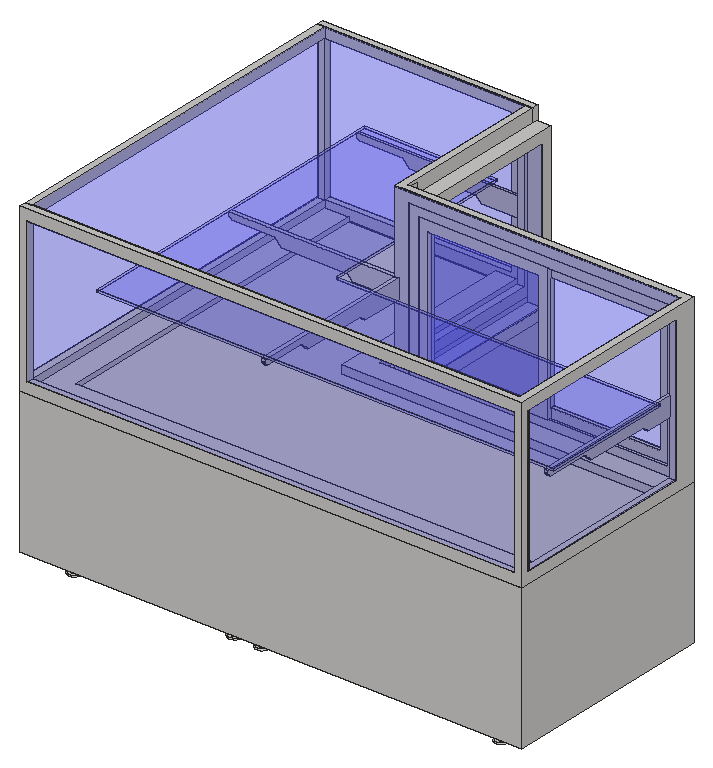
Revit family "Food-Service-Equipment_Oscartek_Italia_1-A90-A1_cat", category Specialty Equipment, Revit 2026 (continued)
Automatic sketch dimensions
  Extrusion 32 sketch curve to Extrusion 32 sketch curve = 0.40954"  (x5)
  Extrusion 32 sketch curve to Extrusion 32 sketch curve = 0.1044"  (x3)
  Revolve 36 sketch curve to level = 0"
  plane 4 "RIGHT" to Revolve 36 sketch curve = 3.60825"
  Revolve 36 sketch curve to Revolve 36 sketch curve = 0.19689"
  Revolve 36 sketch curve to Revolve 36 sketch curve = 0.13782"
  Revolve 36 sketch curve to Revolve 36 sketch curve = 0.1772"
  Revolve 36 sketch curve to Revolve 36 sketch curve = 0.36997"
  Revolve 36 sketch curve to Revolve 36 sketch curve = 0.18021"
  level to Revolve 36 sketch curve = 0.10265"
  Revolve 36 sketch curve to Revolve 36 sketch curve = 0.05034"
  Revolve 36 sketch curve to Revolve 36 sketch curve = 0.10795"
  Revolve 36 sketch curve to Revolve 36 sketch curve = 0.1677"
  Revolve 36 sketch curve to Revolve 36 sketch curve = 0.15751"
  Revolve 36 sketch curve to Revolve 36 sketch curve = 0.20068"
  Revolve 36 sketch curve to Revolve 36 sketch curve = 0"
  Revolve 36 sketch curve to Revolve 36 sketch curve = 0.10265"
  Revolve 36 sketch curve to Revolve 36 sketch curve = 0.95807"
  Revolve 37 sketch curve to level = 0"
  Revolve 37 sketch curve to plane 7 "Center Y" = 1.98353"
  Revolve 37 sketch curve to Revolve 37 sketch curve = 0.19689"
  Revolve 37 sketch curve to Revolve 37 sketch curve = 0.13782"
  Revolve 37 sketch curve to Revolve 37 sketch curve = 0.1772"
  Revolve 37 sketch curve to Revolve 37 sketch curve = 0.36997"
  Revolve 37 sketch curve to Revolve 37 sketch curve = 0.18021"
  level to Revolve 37 sketch curve = 0.10265"
  Revolve 37 sketch curve to Revolve 37 sketch curve = 0.05034"
  Revolve 37 sketch curve to Revolve 37 sketch curve = 0.10795"
  Revolve 37 sketch curve to Revolve 37 sketch curve = 0.1677"
  Revolve 37 sketch curve to Revolve 37 sketch curve = 0.15751"
  Revolve 37 sketch curve to Revolve 37 sketch curve = 0.20068"
  Revolve 37 sketch curve to Revolve 37 sketch curve = 0"
  Revolve 37 sketch curve to Revolve 37 sketch curve = 0.10265"
  Revolve 37 sketch curve to Revolve 37 sketch curve = 0.95807"
  Revolve 39 sketch curve to level = 0"
  plane 4 "RIGHT" to Revolve 39 sketch curve = 3.60825"
  Revolve 39 sketch curve to Revolve 39 sketch curve = 0.19689"
  Revolve 39 sketch curve to Revolve 39 sketch curve = 0.13782"
  Revolve 39 sketch curve to Revolve 39 sketch curve = 0.1772"
  Revolve 39 sketch curve to Revolve 39 sketch curve = 0.36997"
  Revolve 39 sketch curve to Revolve 39 sketch curve = 0.18021"
  level to Revolve 39 sketch curve = 0.10265"  (x2)
  Revolve 39 sketch curve to Revolve 39 sketch curve = 0.05034"
  Revolve 39 sketch curve to Revolve 39 sketch curve = 0.10795"
  Revolve 39 sketch curve to Revolve 39 sketch curve = 0.1677"
  Revolve 39 sketch curve to Revolve 39 sketch curve = 0.15751"
  Revolve 39 sketch curve to Revolve 39 sketch curve = 0.20068"
  Revolve 39 sketch curve to Revolve 39 sketch curve = 0"
  Revolve 39 sketch curve to Revolve 39 sketch curve = 0.95807"
  Revolve 40 sketch curve to level = 0"
  Revolve 40 sketch curve to plane 7 "Center Y" = 1.98353"
  Revolve 40 sketch curve to Revolve 40 sketch curve = 0.19689"
  Revolve 40 sketch curve to Revolve 40 sketch curve = 0.13782"
  Revolve 40 sketch curve to Revolve 40 sketch curve = 0.1772"
  Revolve 40 sketch curve to Revolve 40 sketch curve = 0.36997"
  Revolve 40 sketch curve to Revolve 40 sketch curve = 0.18021"
  level to Revolve 40 sketch curve = 0.10265"  (x2)
  Revolve 40 sketch curve to Revolve 40 sketch curve = 0.05034"
  Revolve 40 sketch curve to Revolve 40 sketch curve = 0.10795"
  Revolve 40 sketch curve to Revolve 40 sketch curve = 0.1677"
  Revolve 40 sketch curve to Revolve 40 sketch curve = 0.15751"
  Revolve 40 sketch curve to Revolve 40 sketch curve = 0.20068"
  Revolve 40 sketch curve to Revolve 40 sketch curve = 0"
  Revolve 40 sketch curve to Revolve 40 sketch curve = 0.95807"
  Sweep 2 sketch curve to plane 12 = 1.38531"
  plane 4 "RIGHT" to Sweep 2 sketch curve = 1/4"
  plane 1 "BACK" to Sweep 2 sketch curve = 1/4"
  Sweep 2 sketch curve to profile plane = 2.99968"
  Sweep 2 sketch curve to Sweep 2 sketch curve = 19 3/16"
  profile plane to Sweep 2 sketch curve = 33.50785"
  Sweep 2 sketch curve to Sweep 2 sketch curve = 0.39362"
  Extrusion 3 sketch curve to plane 6 "TOP" = 0"
  Extrusion 3 sketch curve to plane 3 "LEFT" = 0"
  Extrusion 3 sketch curve to plane 3 "LEFT" = 1"
  plane 12 to Extrusion 3 sketch curve = 1"
  Extrusion 3 sketch curve to Extrusion 3 sketch curve = 3"
  plane 6 "TOP" to Extrusion 3 sketch curve = 1 1/2"
  Extrusion 3 sketch curve to Extrusion 3 sketch curve = 20.8143"
  Extrusion 3 sketch curve to Extrusion 3 sketch curve = 1 1/2"
  plane 5 "FRONT" to Sweep 4 sketch curve = 0"
  Sweep 4 sketch curve to plane 3 "LEFT" = 0"
  plane 4 "RIGHT" to Sweep 4 sketch curve = 1"
  plane 1 "BACK" to Sweep 4 sketch curve = 1"
  profile plane to Sweep 4 sketch curve = 0"
  Sweep 4 sketch curve to Sweep 4 sketch curve = 1.10216"
  Sweep 4 sketch curve to Sweep 4 sketch curve = 3.38517"
  Sweep 4 sketch curve to Sweep 4 sketch curve = 21.21244"
  Sweep 4 sketch curve to Sweep 4 sketch curve = 2.99549"
  profile plane to Sweep 4 sketch curve = 0.73649"
  Sweep 4 sketch curve to Sweep 4 sketch curve = 2.24224"
  Sweep 4 sketch curve to Sweep 4 sketch curve = 20.63229"
  Sweep 4 sketch curve to Sweep 4 sketch curve = 0.06692"  (x2)
  Sweep 4 sketch curve to Sweep 4 sketch curve = 0.60618"
  Sweep 4 sketch curve to Sweep 4 sketch curve = 1.14151"
  plane 4 "RIGHT" to Extrusion 5 sketch curve = 0"
  Extrusion 5 sketch curve to plane 3 "LEFT" = 0"
  Extrusion 5 sketch curve to plane 6 "TOP" = 0"
  Extrusion 5 sketch curve to plane 4 "RIGHT" = 1"
  Extrusion 5 sketch curve to plane 3 "LEFT" = 1"
  plane 6 "TOP" to Extrusion 5 sketch curve = 1 1/2"
  Extrusion 5 sketch curve to Extrusion 5 sketch curve = 20.8143"
  Extrusion 5 sketch curve to Extrusion 5 sketch curve = 1 1/2"
  Extrusion 6 sketch curve to Extrusion 3 = 0"  (x4)
  Extrusion 3 to Extrusion 6 sketch curve = 2 1/2"
  Extrusion 6 sketch curve to Extrusion 3 = 1"
  Extrusion 6 sketch curve to Extrusion 6 sketch curve = 19 1/2"
  Extrusion 6 sketch curve to Extrusion 6 sketch curve = 3"
  Extrusion 12 sketch curve to plane 6 "TOP" = 0"
  Extrusion 12 sketch curve to plane 5 "FRONT" = 1"  (x2)
  plane 1 "BACK" to Extrusion 12 sketch curve = 1"  (x2)
  Extrusion 12 sketch curve to plane 6 "TOP" = 1 1/2"
  Extrusion 12 sketch curve to Extrusion 12 sketch curve = 20.8143"
  Extrusion 12 sketch curve to Extrusion 12 sketch curve = 1 1/2"
  Extrusion 13 sketch curve to Extrusion 3 = 0"
  Extrusion 3 to Extrusion 13 sketch curve = 1"
  Extrusion 13 sketch curve to Extrusion 3 = 1"
  Extrusion 3 to Extrusion 13 sketch curve = 40 1/8"
  Extrusion 13 sketch curve to Extrusion 3 = 23 1/2"
  Extrusion 13 sketch curve to Extrusion 13 sketch curve = 28 15/16"
  Extrusion 14 sketch curve to Extrusion 5 = 0"  (x4)
  Extrusion 16 sketch curve to Extrusion 3 = 0"
  Extrusion 16 sketch curve to Extrusion 3 = 1 1/2"  (x2)
  Extrusion 16 sketch curve to Extrusion 3 = 52 7/16"
  Extrusion 17 sketch curve to Extrusion 3 = 0"  (x4)
  Extrusion 21 sketch curve to plane 5 "FRONT" = 0"
  Extrusion 21 sketch curve to plane 13 = 0"
  Extrusion 21 sketch curve to plane 6 "TOP" = 0"
  Extrusion 21 sketch curve to plane 5 "FRONT" = 1"
  plane 8 "Center X" to Extrusion 21 sketch curve = 23/32"
  Extrusion 21 sketch curve to plane 6 "TOP" = 1 1/2"
  Extrusion 21 sketch curve to Extrusion 21 sketch curve = 20.8143"
  Extrusion 21 sketch curve to Extrusion 21 sketch curve = 1 1/2"
  Extrusion 26 sketch curve to Sweep 4 = 0"  (x4)
  plane 12 to Extrusion 27 sketch curve = 3"
  Extrusion 27 sketch curve to plane 12 = 2.98502"
  Extrusion 27 sketch curve to Extrusion 27 sketch curve = 0.80103"  (x2)
  Extrusion 27 sketch curve to Extrusion 27 sketch curve = 9.447"
  Extrusion 27 sketch curve to Extrusion 27 sketch curve = 1.08838"  (x2)
  Extrusion 27 sketch curve to Extrusion 27 sketch curve = 6.10463"
  Extrusion 27 sketch curve to Extrusion 27 sketch curve = 0"
  Extrusion 27 sketch curve to Extrusion 27 sketch curve = 0.08386"
  Extrusion 27 sketch curve to Extrusion 27 sketch curve = 0.32527"
  Extrusion 27 sketch curve to Extrusion 27 sketch curve = 0.0835"
  Extrusion 27 sketch curve to Extrusion 27 sketch curve = 0.11809"
  plane 6 "TOP" to Extrusion 27 sketch curve = 14.5113"
  Extrusion 27 sketch curve to Extrusion 27 sketch curve = 1.08821"
  Extrusion 27 sketch curve to Extrusion 27 sketch curve = 0.03484"
  Extrusion 27 sketch curve to Extrusion 27 sketch curve = 0.32435"
  Extrusion 27 sketch curve to Extrusion 27 sketch curve = 2.76915"
  Extrusion 28 sketch curve to plane 12 = 3"
  plane 12 to Extrusion 28 sketch curve = 2.98502"
  Extrusion 28 sketch curve to Extrusion 28 sketch curve = 0.80103"  (x2)
  Extrusion 28 sketch curve to Extrusion 28 sketch curve = 9.447"
  Extrusion 28 sketch curve to Extrusion 28 sketch curve = 1.08838"  (x2)
  Extrusion 28 sketch curve to Extrusion 28 sketch curve = 6.10463"
  Extrusion 28 sketch curve to Extrusion 28 sketch curve = 0"
  Extrusion 28 sketch curve to Extrusion 28 sketch curve = 0.08386"
  Extrusion 28 sketch curve to Extrusion 28 sketch curve = 0.32527"
  Extrusion 28 sketch curve to Extrusion 28 sketch curve = 0.0835"
  Extrusion 28 sketch curve to Extrusion 28 sketch curve = 0.11809"
  Extrusion 28 sketch curve to plane 6 "TOP" = 11.74215"
  Extrusion 28 sketch curve to Extrusion 28 sketch curve = 0.43721"
  Extrusion 28 sketch curve to Extrusion 28 sketch curve = 0.32437"
  Extrusion 28 sketch curve to Extrusion 28 sketch curve = 0.08349"
  Extrusion 28 sketch curve to Extrusion 28 sketch curve = 0.00017"
  Revolve 33 sketch curve to level = 0"
  Revolve 33 sketch curve to plane 12 = 3.14756"
  Revolve 33 sketch curve to Revolve 33 sketch curve = 0.19689"
  Revolve 33 sketch curve to Revolve 33 sketch curve = 0.13782"
  Revolve 33 sketch curve to Revolve 33 sketch curve = 0.1772"
  Revolve 33 sketch curve to Revolve 33 sketch curve = 0.36997"
  Revolve 33 sketch curve to Revolve 33 sketch curve = 0.18021"
  level to Revolve 33 sketch curve = 0.10265"
  Revolve 33 sketch curve to Revolve 33 sketch curve = 0.05034"
  Revolve 33 sketch curve to Revolve 33 sketch curve = 0.10795"
  Revolve 33 sketch curve to Revolve 33 sketch curve = 0.1677"
  Revolve 33 sketch curve to Revolve 33 sketch curve = 0.15751"
  Revolve 33 sketch curve to Revolve 33 sketch curve = 0.20068"
  Revolve 33 sketch curve to Revolve 33 sketch curve = 0"
  Revolve 33 sketch curve to Revolve 33 sketch curve = 0.95807"
  Revolve 33 sketch curve to Revolve 33 sketch curve = 0.10265"
  Revolve 34 sketch curve to level = 0"
  plane 3 "LEFT" to Revolve 34 sketch curve = 7.04873"
  Revolve 34 sketch curve to Revolve 34 sketch curve = 0.19689"
  Revolve 34 sketch curve to Revolve 34 sketch curve = 0.13782"
  Revolve 34 sketch curve to Revolve 34 sketch curve = 0.1772"
  Revolve 34 sketch curve to Revolve 34 sketch curve = 0.36997"
  Revolve 34 sketch curve to Revolve 34 sketch curve = 0.18021"
  level to Revolve 34 sketch curve = 0.10265"
  Revolve 34 sketch curve to Revolve 34 sketch curve = 0.05034"
  Revolve 34 sketch curve to Revolve 34 sketch curve = 0.10795"
  Revolve 34 sketch curve to Revolve 34 sketch curve = 0.1677"
  Revolve 34 sketch curve to Revolve 34 sketch curve = 0.15751"
  Revolve 34 sketch curve to Revolve 34 sketch curve = 0.20068"
  Revolve 34 sketch curve to Revolve 34 sketch curve = 0"
  Revolve 34 sketch curve to Revolve 34 sketch curve = 0.95807"
  Revolve 34 sketch curve to Revolve 34 sketch curve = 0.10265"
  Revolve 35 sketch curve to level = 0"
  plane 3 "LEFT" to Revolve 35 sketch curve = 7.04873"
  Revolve 35 sketch curve to Revolve 35 sketch curve = 0.19689"
  Revolve 35 sketch curve to Revolve 35 sketch curve = 0.13782"
  Revolve 35 sketch curve to Revolve 35 sketch curve = 0.1772"
  Revolve 35 sketch curve to Revolve 35 sketch curve = 0.36997"
  Revolve 35 sketch curve to Revolve 35 sketch curve = 0.18021"
  level to Revolve 35 sketch curve = 0.10265"
  Revolve 35 sketch curve to Revolve 35 sketch curve = 0.05034"
  Revolve 35 sketch curve to Revolve 35 sketch curve = 0.10795"
  Revolve 35 sketch curve to Revolve 35 sketch curve = 0.1677"
  Revolve 35 sketch curve to Revolve 35 sketch curve = 0.15751"
  Revolve 35 sketch curve to Revolve 35 sketch curve = 0.20068"
  Revolve 35 sketch curve to Revolve 35 sketch curve = 0"
  Revolve 35 sketch curve to Revolve 35 sketch curve = 0.10265"
  Revolve 35 sketch curve to Revolve 35 sketch curve = 0.95807"
  Revolve 38 sketch curve to level = 0"
  Revolve 38 sketch curve to plane 12 = 3.14756"
  Revolve 38 sketch curve to Revolve 38 sketch curve = 0.19689"
  Revolve 38 sketch curve to Revolve 38 sketch curve = 0.13782"
  Revolve 38 sketch curve to Revolve 38 sketch curve = 0.1772"
  Revolve 38 sketch curve to Revolve 38 sketch curve = 0.36997"
  Revolve 38 sketch curve to Revolve 38 sketch curve = 0.18021"
  level to Revolve 38 sketch curve = 0.10265"
  Revolve 38 sketch curve to Revolve 38 sketch curve = 0.05034"
  Revolve 38 sketch curve to Revolve 38 sketch curve = 0.10795"
  Revolve 38 sketch curve to Revolve 38 sketch curve = 0.1677"
  Revolve 38 sketch curve to Revolve 38 sketch curve = 0.15751"
  Revolve 38 sketch curve to Revolve 38 sketch curve = 0.20068"
  Revolve 38 sketch curve to Revolve 38 sketch curve = 0"
  Revolve 38 sketch curve to Revolve 38 sketch curve = 0.10265"
  Revolve 38 sketch curve to Revolve 38 sketch curve = 0.95807"
  Revolve 41 sketch curve to level = 0"
  Revolve 41 sketch curve to plane 12 = 3.14756"
  Revolve 41 sketch curve to Revolve 41 sketch curve = 0.19689"
  Revolve 41 sketch curve to Revolve 41 sketch curve = 0.13782"
  Revolve 41 sketch curve to Revolve 41 sketch curve = 0.1772"
  Revolve 41 sketch curve to Revolve 41 sketch curve = 0.36997"
  Revolve 41 sketch curve to Revolve 41 sketch curve = 0.18021"
  level to Revolve 41 sketch curve = 0.10265"  (x2)
  Revolve 41 sketch curve to Revolve 41 sketch curve = 0.05034"
  Revolve 41 sketch curve to Revolve 41 sketch curve = 0.10795"
  Revolve 41 sketch curve to Revolve 41 sketch curve = 0.1677"
  Revolve 41 sketch curve to Revolve 41 sketch curve = 0.15751"
  Revolve 41 sketch curve to Revolve 41 sketch curve = 0.20068"
  Revolve 41 sketch curve to Revolve 41 sketch curve = 0"
  Revolve 41 sketch curve to Revolve 41 sketch curve = 0.95807"
  Revolve 42 sketch curve to level = 0"
  plane 3 "LEFT" to Revolve 42 sketch curve = 7.04873"
  Revolve 42 sketch curve to Revolve 42 sketch curve = 0.19689"
  Revolve 42 sketch curve to Revolve 42 sketch curve = 0.13782"
  Revolve 42 sketch curve to Revolve 42 sketch curve = 0.1772"
  Revolve 42 sketch curve to Revolve 42 sketch curve = 0.36997"
  Revolve 42 sketch curve to Revolve 42 sketch curve = 0.18021"
  level to Revolve 42 sketch curve = 0.10265"  (x2)
  Revolve 42 sketch curve to Revolve 42 sketch curve = 0.05034"
  Revolve 42 sketch curve to Revolve 42 sketch curve = 0.10795"
  Revolve 42 sketch curve to Revolve 42 sketch curve = 0.1677"
  Revolve 42 sketch curve to Revolve 42 sketch curve = 0.15751"
  Revolve 42 sketch curve to Revolve 42 sketch curve = 0.20068"
  Revolve 42 sketch curve to Revolve 42 sketch curve = 0"
  Revolve 42 sketch curve to Revolve 42 sketch curve = 0.95807"
  Extrusion 43 sketch curve to plane 3 "LEFT" = 0"
  Extrusion 43 sketch curve to plane 6 "TOP" = 0"  (x2)
  level to Extrusion 43 sketch curve = 21.4357"
  Extrusion 43 sketch curve to plane 3 "LEFT" = 16.83926"
  Extrusion 44 sketch curve to plane 5 "FRONT" = 0"
  Extrusion 44 sketch curve to plane 6 "TOP" = 0"  (x2)
  plane 5 "FRONT" to Extrusion 44 sketch curve = 16.83926"
  level to Extrusion 44 sketch curve = 21.4357"
  plane 5 "FRONT" to curve 15 = 0"
  plane 1 "BACK" to curve 13 = 0"
  curve 16 to plane 3 "LEFT" = 0"
  curve 5 to plane 13 = 0"
  curve 4 to plane 4 "RIGHT" = 0"
  curve 11 to curve 16 = 23.8143"
  curve 5 to plane 12 = 4"
  plane 1 "BACK" to curve 8 = 1/2"
  curve 8 to curve 8 = 2.1821"
  curve 1 to plane 9 = 3.69663"
  curve 8 to curve 1 = 14.46272"
  plane 4 "RIGHT" to curve 14 = 0"
  curve 9 to curve 2 = 0"
  plane 1 "BACK" to curve 11 = 0"
  curve 16 to curve 16 = 23.8143"
  Extrusion 45 sketch curve to plane 13 = 0"
  Extrusion 45 sketch curve to plane 5 "FRONT" = 0"
  level to Extrusion 45 sketch curve = 0.73649"
  Extrusion 45 sketch curve to Extrusion 45 sketch curve = 20 179/256"
  Extrusion 46 sketch curve to Extrusion 46 sketch curve = 0"  (x390)
  Sweep 4 to Extrusion 46 sketch curve = 1.36648"
  Extrusion 46 sketch curve to Extrusion 46 sketch curve = 0.50097"  (x81)
  Sweep 4 to Extrusion 46 sketch curve = 5.99301"  (x2)
  Sweep 4 to Extrusion 46 sketch curve = 5.55985"  (x4)
  Sweep 4 to Extrusion 46 sketch curve = 6.42617"  (x3)
  Sweep 4 to Extrusion 46 sketch curve = 6.85934"  (x2)
  Sweep 4 to Extrusion 46 sketch curve = 7.2925"
  Sweep 4 to Extrusion 46 sketch curve = 7.72566"  (x2)
  Sweep 4 to Extrusion 46 sketch curve = 8.15882"
  Sweep 4 to Extrusion 46 sketch curve = 8.59199"
  Sweep 4 to Extrusion 46 sketch curve = 9.02515"
  Extrusion 46 sketch curve to Sweep 4 = 9.07508"
  Extrusion 46 sketch curve to Extrusion 46 sketch curve = 0.96699"  (x26)
  Sweep 4 to Extrusion 46 sketch curve = 3.39404"  (x3)
  Sweep 4 to Extrusion 46 sketch curve = 2.09455"  (x3)
  Sweep 4 to Extrusion 46 sketch curve = 4.69352"  (x4)
  Sweep 4 to Extrusion 46 sketch curve = 2.52771"  (x3)
  Sweep 4 to Extrusion 46 sketch curve = 8.01517"
  Extrusion 46 sketch curve to Extrusion 46 sketch curve = 0.23627"  (x100)
  Sweep 4 to Extrusion 46 sketch curve = 7 149/256"
  Sweep 4 to Extrusion 46 sketch curve = 1.51774"  (x4)
  Sweep 4 to Extrusion 46 sketch curve = 5.4162"  (x2)
  Sweep 4 to Extrusion 46 sketch curve = 6.28252"
  Sweep 4 to Extrusion 46 sketch curve = 4.11671"  (x3)
  Sweep 4 to Extrusion 46 sketch curve = 4.26036"  (x4)
  Sweep 4 to Extrusion 46 sketch curve = 1.66139"  (x3)
  Sweep 4 to Extrusion 46 sketch curve = 3.8272"  (x3)
  Sweep 4 to Extrusion 46 sketch curve = 5.12669"  (x3)
  Sweep 4 to Extrusion 46 sketch curve = 4.98304"  (x2)
  Sweep 4 to Extrusion 46 sketch curve = 7.14885"
  Sweep 4 to Extrusion 46 sketch curve = 3.68355"
  Sweep 4 to Extrusion 46 sketch curve = 1.9509"  (x2)
  Sweep 4 to Extrusion 46 sketch curve = 6.71569"
  Sweep 4 to Extrusion 46 sketch curve = 5.84936"  (x2)
  Sweep 4 to Extrusion 46 sketch curve = 2.96087"  (x3)
  Sweep 4 to Extrusion 46 sketch curve = 2.38406"  (x2)
  Sweep 4 to Extrusion 46 sketch curve = 4.54987"  (x2)
  Extrusion 46 sketch curve to Extrusion 46 sketch curve = 0.13826"  (x2)
  Extrusion 46 sketch curve to Extrusion 46 sketch curve = 0.15125"  (x131)
  Extrusion 46 sketch curve to Extrusion 46 sketch curve = 0.14365"  (x4)
  Extrusion 46 sketch curve to Extrusion 46 sketch curve = 0.43316"  (x74)
  Extrusion 46 sketch curve to Extrusion 46 sketch curve = 0.28191"  (x118)
  Sweep 4 to Extrusion 46 sketch curve = 18.76867"
  Split face 1 sketch curve to cut or joined group of Sweep 4, Extrusion 26, Extrusion 45, Extrusion 46 = 0"  (x2)
  cut or joined group of Sweep 4, Extrusion 26, Extrusion 45, Extrusion 46 to Split face 1 sketch curve = 0.69271"
  radius of Extrusion 32 sketch curve = 0.25596"
Connectors (in)
  electrical at (34.59269, -23.375, 7.24184), driven by "Volts", driven by "Watts"
    settings: on Extrusion 32, index 2, voltage 220 V, apparent load 1320 VA, apparent load phase1 0 VA, apparent load phase2 0 VA, apparent load phase3 0 VA, power factor 1, load classification "Other", number of poles 1, system type 30, power factor state 1, is connector primary yes, connector utility no, sub classification motor no, connector description "ELECTRICAL CONNECTION"
